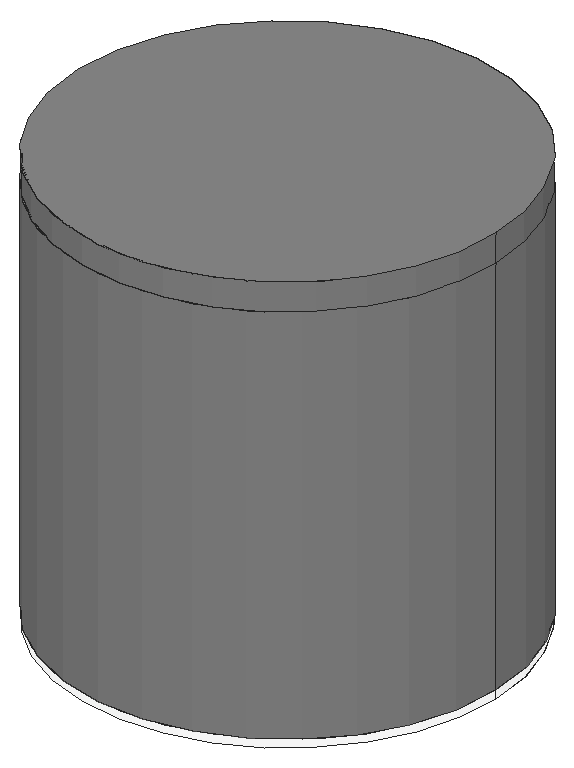
Revit family "M_Downlight - Recessed Can", category Lighting Fixtures, host Ceiling, Revit 2017
Family settings
  Host = Ceiling
  Round Connector Dimension = Use Diameter
  Part Type = Normal
  OmniClass Number = 23.80.70.11.14.11
  OmniClass Title = Downlights
  Always vertical = No
  Cut with Voids When Loaded = No
  Light Source = Yes
  Shared = No
  Room Calculation Point = No
Parameters (values of type "Fluorescent - 277V")
  Wattage = 18 W
  built-in parameter 1150110 = 1 (stored number, unit not read)
  built-in parameter 1114217 = 0.88 (stored number, unit not read)
  built-in parameter 1150109 = 1 (stored number, unit not read)
  built-in parameter 1150134 = 8
  built-in parameter 1150113 = 1 (stored number, unit not read)
  Tilt Angle = 90.00°
  built-in parameter 1010507 = 1.5708 (stored number, unit not read)
  built-in parameter 1010506 = 0.5236 (stored number, unit not read)
  Recessing Radius = Recessing Diameter / 2  # 100 mm
  Recessing Inner Radius = Recessing Radius - 12.7 mm  # 87.3 mm
  Shade = Steel, Paint Finish, Dark Gray, Matte
  built-in parameter 1150115 = 1 (stored number, unit not read)
  built-in parameter 1150105 = 4179.2 (stored number, unit not read)
  Load Classification = Lighting - Dwelling Unit
  Light Source Symbol Length = 1500 mm
  built-in parameter 1150137 = 1
  built-in parameter 1150139 = (empty or 0)
  built-in parameter 1150112 = 1 (stored number, unit not read)
  built-in parameter 1150114 = 1 (stored number, unit not read)
  built-in parameter 1150132 = (empty or 0)
  built-in parameter 1150102 = (empty or 0)
  built-in parameter 1150138 = (empty or 0)
  built-in parameter 1150107 = 4230 (stored number, unit not read)
  built-in parameter 1150106 = 41.792 (stored number, unit not read)
  built-in parameter 1150104 = 6.4512 (stored number, unit not read)
  Dimming Lamp Color Temperature Shift = <None>
  Diffuser = Glass, White, High Luminance
  Color Filter = 16777215
  Ballast Voltage = 277 V
  Ballast Number of Poles = 1
  built-in parameter 1114218 = 0.88 (stored number, unit not read)
  built-in parameter 1150133 = 10 (stored number, unit not read)
  Assembly Code = "D5020210"
  Recessing Height = 200 mm
  Recessing Diameter = 200 mm
  Lamp = ""
  Lumens = 1249.92 lm
  Wattage Comments = ""
  Apparent Load = 18 VA
Types (7, lengths in mm): name | Wattage | built-in parameter 1114217 | built-in parameter 1150134 | Recessing Radius | Recessing Inner Radius | built-in parameter 1150105 | Light Source Symbol Length | built-in parameter 1150107 | built-in parameter 1150106 | built-in parameter 1150104 | Ballast Voltage | built-in parameter 1114218 | Assembly Code | Recessing Diameter | Lamp | Lumens | Apparent Load
  (no name) | 18 W | 0.88 (stored number, unit not read) | 8 | 100 | 87.3 | 4179.2 (stored number, unit not read) | 1500 | 4230 (stored number, unit not read) | 41.792 (stored number, unit not read) | 6.4512 (stored number, unit not read) | 277 V | 0.88 (stored number, unit not read) | "D5020210" | 200 | "" | 1249.92 lm | 18 VA
  152mm Incandescent - 120V | 60 W | 1 (stored number, unit not read) | 4 | 75 | 62.3 | 2858.8 (stored number, unit not read) | 3048 | 2800 (stored number, unit not read) | 28.588 (stored number, unit not read) | 1.3239 (stored number, unit not read) | 120 V | 1 (stored number, unit not read) | "D5020220" | 150 | "A-19" | 855 lm | 60 VA
  203mm Incandescent - 120V | 100 W | 1 (stored number, unit not read) | 4 | 100 | 87.3 | 5851.2 (stored number, unit not read) | 3048 | 2800 (stored number, unit not read) | 58.512 (stored number, unit not read) | 1.6258 (stored number, unit not read) | 120 V | 1 (stored number, unit not read) | "D5020220" | 200 | "A-19" | 1750 lm | 100 VA
  152mm Incandescent - 277V | 60 W | 1 (stored number, unit not read) | 4 | 75 | 62.3 | 2858.8 (stored number, unit not read) | 3048 | 2800 (stored number, unit not read) | 28.588 (stored number, unit not read) | 1.3239 (stored number, unit not read) | 277 V | 1 (stored number, unit not read) | "D5020220" | 150 | "A-19" | 855 lm | 60 VA
  203mm Incandescent - 277V | 100 W | 1 (stored number, unit not read) | 4 | 100 | 87.3 | 5851.2 (stored number, unit not read) | 3048 | 2800 (stored number, unit not read) | 58.512 (stored number, unit not read) | 1.6258 (stored number, unit not read) | 277 V | 1 (stored number, unit not read) | "D5020220" | 200 | "A-19" | 1750 lm | 100 VA
  Fluorescent - 120V | 18 W | 0.88 (stored number, unit not read) | 8 | 100 | 87.3 | 4179.2 (stored number, unit not read) | 3048 | 4230 (stored number, unit not read) | 41.792 (stored number, unit not read) | 6.4512 (stored number, unit not read) | 120 V | 0.88 (stored number, unit not read) | "D5020210" | 200 | "" | 1249.92 lm | 18 VA
  Fluorescent - 277V | 18 W | 0.88 (stored number, unit not read) | 8 | 100 | 87.3 | 4179.2 (stored number, unit not read) | 1500 | 4230 (stored number, unit not read) | 41.792 (stored number, unit not read) | 6.4512 (stored number, unit not read) | 277 V | 0.88 (stored number, unit not read) | "D5020210" | 200 | "" | 1249.92 lm | 18 VA
Reference planes
  plane 1 "Light Source Axis": y = 0
  plane 2 "Ceiling": z = 2438.4
  plane 3 "Light Source Axis": x = 0
  plane 4: x = 100
  plane 5: x = -100
  plane 6: z = 2638.4
  plane 7 "Light Source Elevation": z = 2514.6
  plane 8: z = 2442.4
Forms (mm)
  Extrusion 1, solid, material "Steel, Paint Finish, Dark Gray, Matte" <- "Shade"
    sketch origin (0, 0, 2438.4) x (1, 0, 0) y (0, 1, 0)
      loop
        circle (0, 0) r 100
      loop
        circle (0, 0) r 87.3
    from 4 to 187.3
  Extrusion 2, solid, material "Steel, Paint Finish, Dark Gray, Matte" <- "Shade"
    sketch origin (0, 0, 2625.7) x (1, 0, 0) y (0, 1, 0)
      loop
        circle (0, 0) r 100
    from 0 to 12.7
  Extrusion 3, solid, material "Glass, White, High Luminance" <- "Diffuser"
    sketch origin (0, 0, 0) x (1, 0, 0) y (0, 1, 0)
      loop
        circle (0, 0) r 100
    from 2438.4 to 2442.4
Lines and regions (mm)
  Opening 1
    outline origin (0, 0, 2438.4) x (1, 0, 0) y (0, 1, 0)
      loop
        circle (0, 0) r 100
  symbolic lines
    curve 1: arc (100, 0, 2438.4) -> (0, 100, 2438.4) -> (-100, 0, 2438.4) r 100
    curve 2: arc (-100, 0, 2438.4) -> (0, -100, 2438.4) -> (100, 0, 2438.4) r 100
  symbolic lines, detail levels coarse+medium
    curve 3: line (0, 0, 0) -> (70.711, 70.711, 0)
    curve 4: line (0, 0, 0) -> (-70.711, -70.711, 0)
Dimensions and locks
  equal spacing: host sketch curve, plane 3 "Light Source Axis", host sketch curve
  equal spacing: host sketch curve, plane 1 "Light Source Axis", host sketch curve
  host sketch curve to host sketch curve = 3048 mm  (x2)
  equal spacing: plane 5, plane 3 "Light Source Axis", plane 4
  "Recessing Diameter": plane 5 to plane 4
  "Recessing Height": plane 6 to plane 2 "Ceiling"
  locked: plane 6 to Extrusion 1 at 12.7
  locked: plane 7 "Light Source Elevation" to plane 2 "Ceiling" at 76.2
  "Recessing Radius": curve 3 to curve 3
  "Recessing Radius": curve 4 to curve 4
  radius of Extrusion 3 sketch curve = 100 mm
  "Recessing Radius": radius of Extrusion 3 sketch curve
  locked: plane 1 "Light Source Axis" to curve 4 (angle 45.00°)
  locked: plane 1 "Light Source Axis" to curve 3 (angle 45.00°)
  aligned and locked: Extrusion 2 to plane 6
  aligned and locked: Extrusion 2 to Extrusion 1
  aligned and locked: plane 3 "Light Source Axis" to imposter light
  aligned and locked: plane 1 "Light Source Axis" to imposter light
  aligned and locked: plane 7 "Light Source Elevation" to imposter light
  aligned and locked: Extrusion 3 to plane 2 "Ceiling"
  aligned and locked: plane 8 to Extrusion 3
  aligned and locked: Extrusion 1 to plane 8
Automatic sketch dimensions
  Opening 1 sketch curve to plane 1 "Light Source Axis" = 0 mm
  Opening 1 sketch curve to plane 5 = 0 mm
  Opening 1 sketch curve to plane 3 "Light Source Axis" = 0 mm  (x2)
  Extrusion 1 sketch curve to plane 1 "Light Source Axis" = 0 mm  (x2)
  Extrusion 1 sketch curve to plane 5 = 0 mm
  Extrusion 1 sketch curve to plane 3 "Light Source Axis" = 0 mm  (x3)
  Extrusion 1 sketch curve to plane 5 = 12.7 mm
  Extrusion 2 sketch curve to plane 1 "Light Source Axis" = 0 mm
  Extrusion 2 sketch curve to plane 5 = 0 mm
  Extrusion 2 sketch curve to plane 3 "Light Source Axis" = 0 mm  (x2)
  curve 2 to plane 1 "Light Source Axis" = 0 mm
  curve 2 to plane 5 = 0 mm
  curve 2 to plane 3 "Light Source Axis" = 0 mm
  curve 4 to plane 1 "Light Source Axis" = 0 mm
  curve 3 to plane 3 "Light Source Axis" = 0 mm
  plane 1 "Light Source Axis" to Extrusion 3 sketch curve = 0 mm
  Extrusion 3 sketch curve to plane 3 "Light Source Axis" = 0 mm
Connectors
  electrical at (0, 0, 2638.4), driven by "Apparent Load", driven by "Ballast Voltage", driven by "Ballast Number of Poles", driven by "Load Classification"
    settings: on Extrusion 2, index 1, voltage 277 V, apparent load 0 VA, apparent load phase1 18 VA, apparent load phase2 0 VA, apparent load phase3 0 VA, power factor 0.95, load classification "Lighting - Dwelling Unit", number of poles 1, system type 31, power factor state 1, is connector primary yes, connector utility no, sub classification motor no, connector description ""
